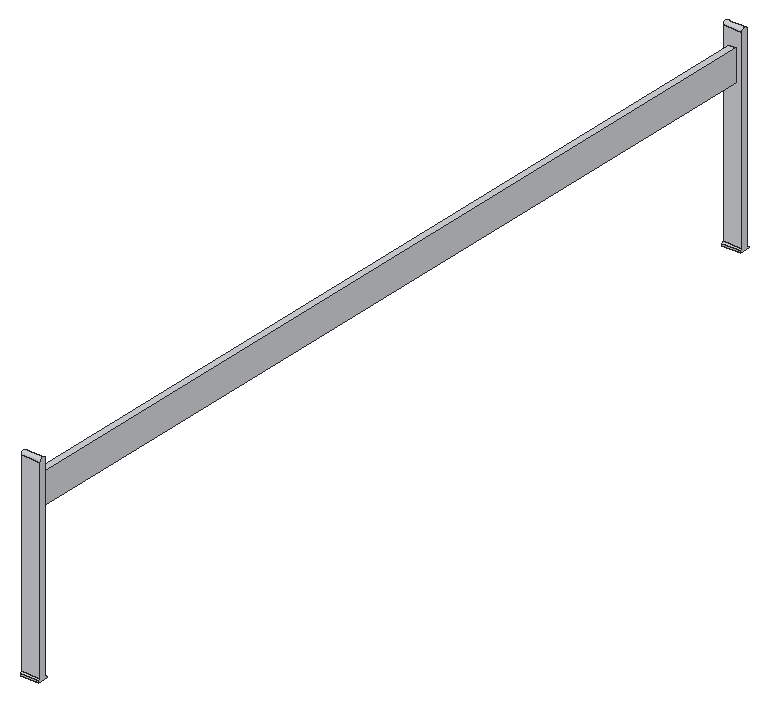
Revit family "LAPSE Legs", category Furniture, Revit 2020
Family settings
  OmniClass Number = 23.40.20.00
  OmniClass Title = General Furniture and Specialties
  Work Plane-Based = No
  Always vertical = Yes
  Cut with Voids When Loaded = No
  Shared = No
  Room Calculation Point = No
Parameters (values of type "LAP0120")
  Width = 1420 mm
  URL = "https://www.sandlerseating.com/product/lapse-0120/"
  Model = "LAPSE 0120"
  Manufacturer = "Sandler"
  Leg height = 320 mm
  Frame [instance] = none
  Description = "Steel legs for steel frames for Lapse benches range"
  Depth = 30 mm
  Default Elevation = 0 mm
Reference planes
  plane 1 "Center (Front/Back)": y = 0
  plane 2: z = 0
  plane 3 "Center (Left/Right)": x = 0
  plane 4 "Right": y = -710
  plane 5 "Left": y = 710
  plane 6: x = -15
  plane 7: x = 15
  plane 8 "Leg Height": z = 320
  plane 9 "Support height": z = 290
Forms (mm)
  Extrusion 1, solid, material <- "Frame"
    sketch origin (0, 0, 0) x (0, 1, 0) y (0, 0, 1)
      loop
        arc (-697.5, 315) -> (-702.5, 320) -> (-707.5, 315) r 5
        line (-707.5, 315) -> (-707.5, 5)
        arc (-707.5, 5) -> (-708.232, 3.232) -> (-710, 2.5) r 2.5
        line (-710, 2.5) -> (-710, 0) -> (-695, 0) -> (-695, 2.5)
        arc (-695, 2.5) -> (-696.768, 3.232) -> (-697.5, 5) r 2.5
        line (-697.5, 5) -> (-697.5, 315)
    from 15 to -15
  Extrusion 2, solid, material <- "Frame"
    sketch origin (0, 0, 0) x (0, -1, 0) y (0, 0, -1)
      loop
        line (-697.5, -315) -> (-697.5, -5)
        arc (-697.5, -5) -> (-696.768, -3.232) -> (-695, -2.5) r 2.5
        line (-695, -2.5) -> (-695, 0) -> (-710, 0) -> (-710, -2.5)
        arc (-710, -2.5) -> (-708.232, -3.232) -> (-707.5, -5) r 2.5
        line (-707.5, -5) -> (-707.5, -315)
        arc (-707.5, -315) -> (-702.5, -320) -> (-697.5, -315) r 5
    from 15 to -15
  Extrusion 3, solid, material <- "Frame"
    sketch origin (0, 0, 0) x (0, 1, 0) y (0, 0, 1)
      loop
        line (697.5, 290) -> (-697.5, 290) -> (-697.5, 240) -> (697.5, 240) -> (697.5, 290)
    from 5 to -5
Dimensions and locks
  equal spacing: plane 4 "Right", plane 1 "Center (Front/Back)", plane 5 "Left"
  "Width": plane 4 "Right" to plane 5 "Left"
  equal spacing: plane 7, plane 3 "Center (Left/Right)", plane 6
  "Depth": plane 7 to plane 6
  "Leg height": plane 8 "Leg Height" to level
  aligned and locked: level to plane 2
  aligned and locked: Extrusion 3 sketch curve to Extrusion 2
  aligned and locked: Extrusion 1 to plane 6
  aligned and locked: plane 7 to Extrusion 1
  aligned and locked: Extrusion 2 to plane 6
  aligned and locked: plane 7 to Extrusion 2
  aligned and locked: plane 9 "Support height" to Extrusion 3 sketch curve
Automatic sketch dimensions
  Extrusion 1 sketch curve to plane 4 "Right" = 0 mm
  Extrusion 1 sketch curve to level = 0 mm
  plane 4 "Right" to Extrusion 1 sketch curve = 2.5 mm
  Extrusion 1 sketch curve to Extrusion 1 sketch curve = 5 mm
  Extrusion 1 sketch curve to Extrusion 1 sketch curve = 2.5 mm
  level to Extrusion 1 sketch curve = 2.5 mm  (x2)
  Extrusion 1 sketch curve to Extrusion 1 sketch curve = 310 mm
  Extrusion 2 sketch curve to plane 5 "Left" = 0 mm
  Extrusion 2 sketch curve to level = 0 mm
  Extrusion 2 sketch curve to plane 5 "Left" = 2.5 mm
  Extrusion 2 sketch curve to Extrusion 2 sketch curve = 5 mm
  Extrusion 2 sketch curve to Extrusion 2 sketch curve = 2.5 mm
  Extrusion 2 sketch curve to level = 2.5 mm  (x2)
  Extrusion 2 sketch curve to Extrusion 2 sketch curve = 310 mm
  plane 4 "Right" to Extrusion 3 sketch curve = 12.5 mm
  Extrusion 3 sketch curve to Extrusion 3 sketch curve = 50 mm
